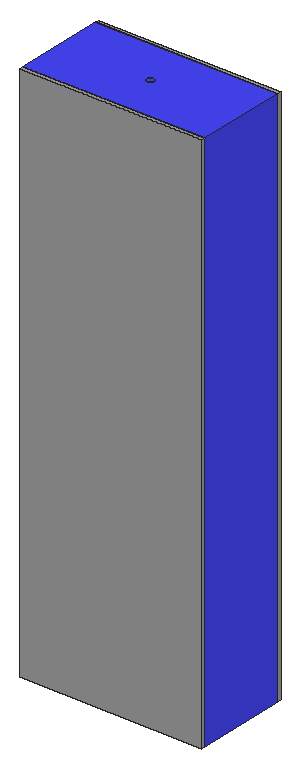
Revit family "muropaglia", category Structural Framing, Revit 2012
Parameters
  spessore intonaco = 2 cm
  lunghezza = 100 cm
  larghezza = 50 cm
  Legno = Legno
  Intonaco = intonaco
  altezza = 300 cm
  Paglia = Paglia
Reference planes (cm)
  plane 1 "Centro (Fronte/Retro)": y = 0
  plane 2: z = 0
  plane 3 "Centro (Sinistra/Destra)": x = 0
  plane 4: y = 25
  plane 5: y = -25
  plane 6: x = 50
  plane 7: x = -50
  plane 8: z = 300
  plane 9: y = 27
  plane 10: y = -27
Forms (cm)
  Extrusion 1, solid, material "Paglia" <- "Paglia"
    sketch origin (0, 0, 0) x (1, 0, 0) y (0, 1, 0)
      loop
        line (-50, 25) -> (-50, -25) -> (50, -25) -> (50, 25) -> (-50, 25)
    from 0 to 300
  Extrusion 2, solid, material "Legno" <- "Legno"
    sketch origin (0, 0, 0) x (1, 0, 0) y (0, 1, 0)
      loop
        circle (0, 0) r 2
    from 0 to 300
  Extrusion 3, solid, material "intonaco" <- "Intonaco"
    sketch origin (0, 0, 0) x (1, 0, 0) y (0, 1, 0)
      loop
        line (-50, 27) -> (-50, 25) -> (50, 25) -> (50, 27) -> (-50, 27)
    from 0 to 300
  Extrusion 4, solid, material "intonaco" <- "Intonaco"
    sketch origin (0, -60, 0) x (1, 0, 0) y (0, 1, 0)
      loop
        line (-50, 35) -> (-50, 33) -> (50, 33) -> (50, 35) -> (-50, 35)
    from 0 to 300
Dimensions and locks (cm)
  equal spacing: plane 4, plane 1 "Centro (Fronte/Retro)", plane 5
  "larghezza": plane 4 to plane 5
  equal spacing: plane 7, plane 3 "Centro (Sinistra/Destra)", plane 6
  "lunghezza": plane 7 to plane 6
  "altezza": plane 8 to plane 2
  "spessore intonaco": plane 5 to plane 10
  "spessore intonaco": plane 9 to plane 4
  aligned and locked: level to plane 2
  aligned and locked: plane 4 to Extrusion 1
  aligned and locked: Extrusion 1 to plane 5
  aligned and locked: plane 6 to Extrusion 1
  aligned and locked: Extrusion 1 to plane 7
  aligned and locked: plane 8 to Extrusion 1
  aligned and locked: Extrusion 3 to plane 7
  aligned and locked: Extrusion 4 to plane 7
  aligned and locked: plane 6 to Extrusion 3
  aligned and locked: plane 6 to Extrusion 4
  aligned and locked: plane 9 to Extrusion 3
  aligned and locked: Extrusion 3 to plane 4
  aligned and locked: plane 5 to Extrusion 4
  aligned and locked: Extrusion 4 to plane 10
  aligned and locked: Extrusion 1 to Extrusion 2
  aligned and locked: plane 8 to Extrusion 3
  aligned and locked: plane 8 to Extrusion 4
Automatic sketch dimensions
  Extrusion 1 sketch curve to plane 5 = 0 cm
  Extrusion 1 sketch curve to plane 7 = 0 cm
  Extrusion 1 sketch curve to plane 6 = 0 cm
  Extrusion 1 sketch curve to plane 4 = 0 cm
  plane 1 "Centro (Fronte/Retro)" to Extrusion 2 sketch curve = 0 cm
  Extrusion 2 sketch curve to plane 3 "Centro (Sinistra/Destra)" = 0 cm
  Extrusion 3 sketch curve to plane 7 = 0 cm
  plane 6 to Extrusion 3 sketch curve = 0 cm
  Extrusion 3 sketch curve to plane 4 = 0 cm
  plane 9 to Extrusion 3 sketch curve = 0 cm
  Extrusion 4 sketch curve to plane 7 = 0 cm
  plane 6 to Extrusion 4 sketch curve = 0 cm
  Extrusion 4 sketch curve to plane 10 = 0 cm
  plane 5 to Extrusion 4 sketch curve = 0 cm
  radius of Extrusion 2 sketch curve = 2 cm
